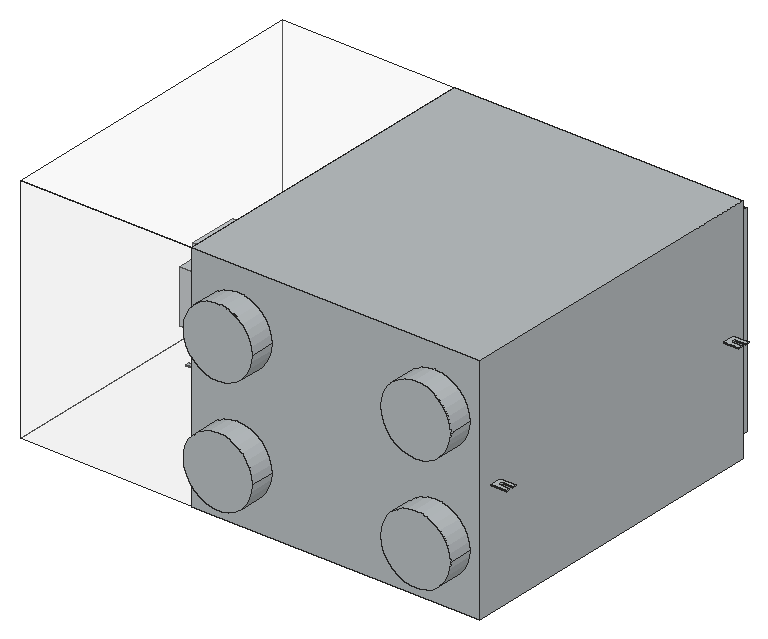
Revit family "lgh-n150_200rxv2d-c_50Hz", category 機械設備, Revit 2019
Family settings
  丸型コネクタ寸法 = 直径を使用
  パーツ タイプ = 標準
  OmniClass 番号 = 23.75.10.34.21
  OmniClass タイトル = Heat Exchangers for Ventilation Air
  作業面ベース = いいえ
  常に垂直 = はい
  ロード時にボイドで切り取り = いいえ
  共有 = いいえ
  部屋計算ポイント = はい
Parameters (values of type "LGH-N150RXV2D-C")
  騒音レベル(dB(A)) = 38.5
  風量 = 1500.0 m³/h
  面風速 = 8.5 m/s
  電源種別 [instance] = "一般"
  電圧 = 200 V
  電動機出力 = 0 W
  集中コントローラ = ""
  運転質量 = 0.00 kg
  連動 [instance] = ""
  質量 = if(製品質量 > 運転質量, 製品質量, 運転質量) * 1.2  # 128.40 kg
  負荷分類 = 3_ファン類
  説明 = "業務用ロスナイ 天井埋込形 DCマイコン CO2センサー付"
  設計風量 = 0.0 m³/h
  設置方法 = "天井吊(隠ぺい)形"
  記号 [instance] = ""
  製造元 = "三菱電機株式会社"
  製品質量 = 107.00 kg
  製品出荷対象 = "国内"
  製品リリース年月 = "2023/5/15"
  製品グループ = ""
  系統 [instance] = ""
  符号 = "HEU"
  積算_科目 = "1 空気調和設備"
  積算_拾い区分 [instance] = ""
  相 = 1
  盤記号 [instance] = ""
  発停方法 [instance] = ""
  特殊仕様 [instance] = ""
  点検口高さ = -Height  # -808 mm
  点検口離隔 = 150 mm
  点検口_Depth = 450 mm
  点検口 = yes
  火災停止 [instance] = ""
  温度交換効率 = 74.00%
  消費電力 = 900 W
  法定耐用年数 = "15"
  機外静圧_排気 = 275.0 Pa
  機外静圧 = 275.0 Pa
  極数 = 3
  材質 [instance] = ""
  本体マテリアル = 溶融亜鉛めっき鋼板
  操作・制御方式 = ""
  操作・制御スイッチ = ""
  排気量 = 0.0 m³/h
  形式 = "天井埋込ダクト形"
  幹線記号 [instance] = ""
  対象室 [instance] = ""
  実風量 = 0.0 m³/h
  始動方式 [instance] = "直入"
  天吊金具_径 = 15 mm
  天吊金具_幅 = 30 mm
  外気量 = 0.0 m³/h
  呼称 = "全熱交換ユニット"
  周波数 = 50 Hz
  天吊金具ピッチ2 = 1015 mm
  天吊金具ピッチ1 = 1057 mm
  天吊金具_高さ = 404 mm
  参照している仕様書等のバージョン = ""
  初期抵抗 = 0.0 Pa
  分類コード = "50052504100070"
  分類グループ = ""
  価格 = 1363200
  企業コード = "108420"
  付属品_フィルター_還気 = ""
  付属品_フィルター = ""
  付属品 [instance] = ""
  仕様書バージョン = "Version1.0"
  モデル = "LGH-N150RXV2D-C"
  メンテナンススペース = yes
  ダクト高 = 700 mm
  ダクト径 = 250 mm
  ダクト幅 = 270 mm
  コメント [instance] = ""
  Keynote = ""
  エンタルピ交換効率_暖房 = 76.00%
  エンタルピ交換効率_冷房 = 66.00%
  Assembly Code = ""
  Width = 1004 mm
  Version = ""
  Uniclass2015Version = "Systems v1.9"
  Uniclass2015Title = "Thermal wheels"
  Uniclass2015Code = "Pr_60_60_36_88"
  URL = "https://www.mitsubishielectric.co.jp/ldg/wink/qr/002/324425/"
  SpecificationReference = ""
  SpecificationDescription = ""
  Sensor_Width = 184 mm
  Sensor_D = 176 mm
  Sensor_Height = 183 mm
  Sensor_H = 201 mm
  Sensor_Depth = 115 mm
  SMAX風量 = 1500.0 m³/h
  SMAX静圧 = 275.0 Pa
  SAサイズ_D = 242 mm
  Revision = ""
  RAサイズ_D = 242 mm
  ProductInformation = ""
  OmniClassCode = "23-27 23 19 11"
  OAサイズ_W = 270 mm
  OAサイズ_D = 700 mm
  MIN風量 = 660.0 m³/h
  MIN静圧 = 47.0 Pa
  MID風量 = 1080.0 m³/h
  MID静圧 = 127.0 Pa
  MAX風量 = 1500.0 m³/h
  MAX静圧 = 245.0 Pa
  IfcTypeProduct = ""
  IfcProduct = ""
  IfcExportType = "ROTARYWHEEL"
  IfcExportAs = "IfcAirToAirHeatRecoveryType"
  Height = 808 mm
  EAサイズ_W = 270 mm
  EAサイズ_D = 700 mm
  Duct_Pitch = 690 mm
  Duct_Height = 202 mm
  Duct_Depth_SA_RA = 84 mm
  Duct_Depth_OA_EA = 49 mm
  Depth = 1144 mm
  Clearance Top = 0 mm
  Clearance Left = 600 mm
  Clearance Bottom = 0 mm
  Box_Width = 115 mm
  Box_Height = 669 mm
  Box_H = 88 mm
  Box_Depth = 175 mm
  Box_D = 145 mm
  Author = "三菱電機株式会社"
Types (2, lengths in mm): name | 騒音レベル(dB(A)) | 風量 | 面風速 | 質量 | 製品質量 | 温度交換効率 | 消費電力 | 機外静圧_排気 | 機外静圧 | 天吊金具ピッチ1 | 価格 | モデル | エンタルピ交換効率_暖房 | エンタルピ交換効率_冷房 | Width | URL | SMAX風量 | SMAX静圧 | MIN風量 | MIN静圧 | MID風量 | MID静圧 | MAX風量 | MAX静圧 | Duct_Pitch
  LGH-N150RXV2D-C | 38.5 | 1500.0 m³/h | 8.5 m/s | 128.40 kg | 107.00 kg | 74.00% | 900 W | 275.0 Pa | 275.0 Pa | 1057 | 1363200 | "LGH-N150RXV2D-C" | 76.00% | 66.00% | 1004 | "https://www.mitsubishielectric.co.jp/ldg/wink/qr/002/324425/" | 1500.0 m³/h | 275.0 Pa | 660.0 m³/h | 47.0 Pa | 1080.0 m³/h | 127.0 Pa | 1500.0 m³/h | 245.0 Pa | 690
  LGH-N200RXV2D-C | 41 | 2000.0 m³/h | 11.3 m/s | 140.40 kg | 117.00 kg | 73.00% | 1160 W | 225.0 Pa | 225.0 Pa | 1284 | 1523200 | "LGH-N200RXV2D-C" | 75.00% | 65.00% | 1231 | "https://www.mitsubishielectric.co.jp/ldg/wink/qr/002/324427/" | 2000.0 m³/h | 225.0 Pa | 880.0 m³/h | 32.0 Pa | 1440.0 m³/h | 86.0 Pa | 2000.0 m³/h | 165.0 Pa | 917
Reference planes
  plane 1 "中心(正面/背面)": y = 0
  plane 2: z = 0
  plane 3 "中心(左/右)": x = 0
  plane 4: x = -502
  plane 5: x = 502
  plane 6: y = 572
  plane 7: y = -572
  plane 8: z = -808
  plane 9: z = -202
  plane 10: x = -345
  plane 11: x = 345
  plane 12: y = -656
  plane 13: y = 621
  plane 14: x = -586
  plane 15: x = 586
  plane 16: x = -1102
  plane 17: y = -427
  plane 18: y = -252
  plane 19: z = -88
  plane 20: z = -757
  plane 21: x = -617
  plane 22: x = -652
  plane 23: y = 225
  plane 24: x = -528.5
  plane 25: x = 528.5
  plane 26: y = 507.5
  plane 27: y = -507.5
  plane 28: y = -225
  plane 29: x = -558.5
  plane 30: y = 527.5
  plane 31: y = 487.5
  plane 32: y = -487.5
  plane 33: y = -527.5
  plane 34: z = -5
  plane 35: z = -404
  plane 36: z = -407
  plane 37: x = 558.5
  plane 38: z = -404
  plane 39: x = 480
  plane 40: x = 210
  plane 41: x = -480
  plane 42: x = -210
  plane 43: z = -54
  plane 44: z = -754
  plane 45: z = -54
  plane 46: z = -754
  plane 47: z = -606
  plane 48: y = -396
  plane 49: y = -281
  plane 50: z = -201
  plane 51: z = -384
  plane 52: x = -686
  plane 53: z = 0
  plane 54: z = -808
Forms (mm)
  Extrusion 1, solid, material "溶融亜鉛めっき鋼板" <- "本体マテリアル", detail levels fine
    sketch origin (0, 0, 0) x (1, 0, 0) y (0, 1, 0)
      loop
        line (-502, 572) -> (-502, -572) -> (502, -572) -> (502, 572) -> (-502, 572)
    from 0 to -808
  Extrusion 2, solid, material "溶融亜鉛めっき鋼板" <- "本体マテリアル", detail levels fine
    sketch origin (502, -572, 0) x (-1, 0, 0) y (0, 0, -1)
      loop
        circle (847, 202) r 121
    from 0 to 84
  Extrusion 3, solid, material "溶融亜鉛めっき鋼板" <- "本体マテリアル", detail levels fine
    sketch origin (510, -445, 0) x (-1, 0, 0) y (0, 0, -1)
      loop
        circle (165, 202) r 121
    from 127 to 211
  Extrusion 4, solid, material "溶融亜鉛めっき鋼板" <- "本体マテリアル", detail levels fine
    sketch origin (-502, -572, 0) x (0, 1, 0) y (0, 0, -1)
      loop
        line (320, 88) -> (320, 757) -> (145, 757) -> (145, 88) -> (320, 88)
    from 0 to 115
  Extrusion 5, solid, material "溶融亜鉛めっき鋼板" <- "本体マテリアル", detail levels fine
    sketch origin (0, 0, 0) x (1, 0, 0) y (0, 1, 0)
      loop
        line (-558.5, 527.5) -> (-558.5, 515) -> (-528.5, 515)
        arc (-528.5, 515) -> (-521, 507.5) -> (-528.5, 500) r 7.5
        line (-528.5, 500) -> (-558.5, 500) -> (-558.5, 487.5) -> (-502, 487.5) -> (-502, 527.5) -> (-558.5, 527.5)
    from -404 to -407
  Extrusion 6, solid, material "溶融亜鉛めっき鋼板" <- "本体マテリアル", detail levels fine
    sketch origin (0, 0, 0) x (1, 0, 0) y (0, 1, 0)
      loop
        line (-558.5, -527.5) -> (-502, -527.5) -> (-502, -487.5) -> (-558.5, -487.5) -> (-558.5, -500) -> (-528.5, -500)
        arc (-528.5, -500) -> (-521, -507.5) -> (-528.5, -515) r 7.5
        line (-528.5, -515) -> (-558.5, -515) -> (-558.5, -527.5)
    from -404 to -407
  Extrusion 7, solid, material "溶融亜鉛めっき鋼板" <- "本体マテリアル", detail levels fine
    sketch origin (0, 0, 0) x (-1, 0, 0) y (0, -1, 0)
      loop
        line (-558.5, 527.5) -> (-558.5, 515) -> (-528.5, 515)
        arc (-528.5, 515) -> (-521, 507.5) -> (-528.5, 500) r 7.5
        line (-528.5, 500) -> (-558.5, 500) -> (-558.5, 487.5) -> (-502, 487.5) -> (-502, 527.5) -> (-558.5, 527.5)
    from -404 to -407
  Extrusion 8, solid, material "溶融亜鉛めっき鋼板" <- "本体マテリアル", detail levels fine
    sketch origin (0, 0, 0) x (-1, 0, 0) y (0, -1, 0)
      loop
        line (-558.5, -527.5) -> (-502, -527.5) -> (-502, -487.5) -> (-558.5, -487.5) -> (-558.5, -500) -> (-528.5, -500)
        arc (-528.5, -500) -> (-521, -507.5) -> (-528.5, -515) r 7.5
        line (-528.5, -515) -> (-558.5, -515) -> (-558.5, -527.5)
    from -404 to -407
  Extrusion 9, solid, material "溶融亜鉛めっき鋼板" <- "本体マテリアル", detail levels fine
    sketch origin (0, 0, 0) x (1, 0, 0) y (0, 0, 1)
      loop
        circle (-345, -606) r 121
    from 572 to 656
  Extrusion 10, solid, material "溶融亜鉛めっき鋼板" <- "本体マテリアル", detail levels fine
    sketch origin (0, 0, 0) x (1, 0, 0) y (0, 0, 1)
      loop
        circle (345, -606) r 121
    from 572 to 656
  Extrusion 11, solid, material "溶融亜鉛めっき鋼板" <- "本体マテリアル", detail levels fine
    sketch origin (0, 0, 0) x (1, 0, 0) y (0, 0, 1)
      loop
        line (480, -754) -> (480, -54) -> (210, -54) -> (210, -754) -> (480, -754)
    from -621 to -572
  Extrusion 12, solid, material "溶融亜鉛めっき鋼板" <- "本体マテリアル", detail levels fine
    sketch origin (0, 0, 0) x (1, 0, 0) y (0, 0, 1)
      loop
        line (-480, -754) -> (-210, -754) -> (-210, -54) -> (-480, -54) -> (-480, -754)
    from -621 to -572
  Extrusion 13, solid, material "溶融亜鉛めっき鋼板" <- "本体マテリアル", detail levels fine
    sketch origin (0, 0, 0) x (0, 1, 0) y (0, 0, 1)
      loop
        line (-281, -201) -> (-396, -201) -> (-396, -384) -> (-281, -384) -> (-281, -201)
    from -686 to -617
Lines and regions (mm)
  Masking region 1, detail levels coarse+medium
    outline origin (1326.5, 29, 0) x (1, 0, 0) y (0, 1, 0)
      loop
        line (-1828.5, 543) -> (-1828.5, -601) -> (-824.5, -601) -> (-824.5, 543) -> (-1828.5, 543)
  symbolic lines, detail levels coarse+medium
    curve 1: line (0, 572, 0) -> (-502, 0, 0)
    curve 2: line (-502, 0, 0) -> (0, -572, 0)
    curve 3: line (0, -572, 0) -> (502, 0, 0)
    curve 4: line (502, 0, 0) -> (0, 572, 0)
Dimensions and locks
  equal spacing: plane 4, plane 3 "中心(左/右)", plane 5
  "Width": plane 4 to plane 5
  equal spacing: plane 6, plane 1 "中心(正面/背面)", plane 7
  "Depth": plane 6 to plane 7
  "Height": level to plane 8
  "Duct_Height": level to plane 9
  equal spacing: plane 11, plane 3 "中心(左/右)", plane 10
  "Duct_Pitch": plane 11 to plane 10
  "Duct_Depth_OA_EA": plane 13 to plane 6
  "Duct_Depth_SA_RA": plane 7 to plane 12
  "Duct_Depth_SA_RA": plane 5 to plane 15
  "Duct_Depth_SA_RA": plane 14 to plane 4
  "Clearance Left": plane 16 to plane 4
  "Box_H": level to plane 19
  "Box_Height": plane 19 to plane 20
  "Box_D": plane 17 to plane 7
  "Box_Depth": plane 18 to plane 17
  "Box_Width": plane 21 to plane 4
  "点検口離隔": plane 22 to plane 4
  equal spacing: plane 24, plane 3 "中心(左/右)", plane 25
  "天吊金具ピッチ1": plane 24 to plane 25
  equal spacing: plane 26, plane 1 "中心(正面/背面)", plane 27
  "天吊金具ピッチ2": plane 26 to plane 27
  equal spacing: plane 23, plane 1 "中心(正面/背面)", plane 28
  "点検口_Depth": plane 23 to plane 28
  equal spacing: plane 30, plane 26, plane 31
  locked: plane 30 to plane 31 at 40
  "天吊金具_幅": plane 29 to plane 24
  "天吊金具_高さ": level to plane 35
  locked: plane 35 to plane 36 at 3
  equal spacing: plane 32, plane 27, plane 33
  locked: plane 32 to plane 33 at 40
  "天吊金具_幅": plane 25 to plane 37
  equal spacing: plane 8, plane 38, level
  equal spacing: plane 40, plane 11, plane 39
  "EAサイズ_W": plane 40 to plane 39
  equal spacing: plane 42, plane 10, plane 41
  "OAサイズ_W": plane 42 to plane 41
  equal spacing: plane 44, plane 38, plane 43
  "EAサイズ_D": plane 44 to plane 43
  "OAサイズ_D": plane 46 to plane 45
  equal spacing: plane 46, plane 38, plane 45
  "Duct_Height": plane 38 to plane 47
  "Sensor_D": plane 48 to plane 7
  "Sensor_Depth": plane 49 to plane 48
  "Sensor_H": level to plane 50
  "Sensor_Height": plane 50 to plane 51
  "Sensor_Width": plane 52 to plane 4
  "Clearance Bottom": plane 8 to plane 54
  "Clearance Top": plane 53 to level
  "RAサイズ_D": diameter of Extrusion 3 sketch curve
  "SAサイズ_D": diameter of Extrusion 9 sketch curve
  "RAサイズ_D": diameter of Extrusion 10 sketch curve
  "SAサイズ_D": diameter of Extrusion 2 sketch curve
  "天吊金具_径": diameter of Extrusion 6 sketch curve
  "天吊金具_径": diameter of Extrusion 5 sketch curve
  "天吊金具_径": diameter of Extrusion 8 sketch curve
  "天吊金具_径": diameter of Extrusion 7 sketch curve
  aligned and locked: level to plane 2
  aligned and locked: Extrusion 1 to plane 8
  aligned and locked: Extrusion 2 to plane 12
  aligned and locked: plane 7 to Extrusion 2
  aligned and locked: plane 7 to Extrusion 3
  aligned and locked: Extrusion 3 to plane 12
  aligned and locked: plane 16 to nested 1
  aligned and locked: plane 4 to nested 1
  aligned and locked: nested 1 to plane 6
  aligned and locked: nested 1 to plane 7
  aligned and locked: Extrusion 4 to plane 21
  aligned and locked: plane 4 to Extrusion 4
  aligned and locked: Masking region 1 to plane 4
  aligned and locked: plane 5 to Masking region 1
  aligned and locked: plane 6 to Masking region 1
  aligned and locked: Masking region 1 to plane 7
  aligned and locked: plane 25 to nested 2
  aligned and locked: plane 24 to nested 2
  aligned and locked: nested 2 to plane 27
  aligned and locked: plane 26 to nested 2
  aligned and locked: Extrusion 4 to plane 18
  aligned and locked: Extrusion 4 to plane 20
  aligned and locked: plane 19 to Extrusion 4
  aligned and locked: Extrusion 4 to plane 17
  aligned and locked: plane 22 to nested 3
  aligned and locked: plane 16 to nested 3
  aligned and locked: plane 23 to nested 3
  aligned and locked: nested 3 to plane 28
  aligned and locked: plane 29 to Extrusion 5 sketch curve  (x2)
  aligned and locked: Extrusion 5 sketch curve to plane 4
  aligned and locked: plane 31 to Extrusion 5 sketch curve
  aligned and locked: Extrusion 5 sketch curve to plane 30
  aligned and locked: Extrusion 5 to plane 35
  aligned and locked: Extrusion 5 to plane 36
  aligned and locked: Extrusion 6 sketch curve to plane 29  (x2)
  aligned and locked: plane 32 to Extrusion 6 sketch curve
  aligned and locked: Extrusion 6 sketch curve to plane 33
  aligned and locked: plane 4 to Extrusion 6 sketch curve
  aligned and locked: plane 35 to Extrusion 6
  aligned and locked: Extrusion 6 to plane 36
  aligned and locked: plane 37 to Extrusion 7 sketch curve  (x2)
  aligned and locked: Extrusion 7 sketch curve to plane 32
  aligned and locked: plane 33 to Extrusion 7 sketch curve
  aligned and locked: plane 5 to Extrusion 7 sketch curve
  aligned and locked: Extrusion 7 to plane 36
  aligned and locked: plane 35 to Extrusion 7
  aligned and locked: Extrusion 8 sketch curve to plane 37  (x2)
  aligned and locked: Extrusion 8 sketch curve to plane 31
  aligned and locked: plane 30 to Extrusion 8 sketch curve
  aligned and locked: Extrusion 8 sketch curve to plane 5
  aligned and locked: plane 35 to Extrusion 8
  aligned and locked: Extrusion 8 to plane 36
  aligned and locked: Extrusion 9 to plane 12
  aligned and locked: plane 7 to Extrusion 9
  aligned and locked: Extrusion 10 to plane 12
  aligned and locked: plane 7 to Extrusion 10
  aligned and locked: plane 44 to Extrusion 11 sketch curve
  aligned and locked: plane 39 to Extrusion 11 sketch curve
  aligned and locked: Extrusion 11 sketch curve to plane 43
  aligned and locked: Extrusion 11 sketch curve to plane 40
  aligned and locked: Extrusion 12 sketch curve to plane 46
  aligned and locked: Extrusion 12 sketch curve to plane 41
  aligned and locked: plane 45 to Extrusion 12 sketch curve
  aligned and locked: plane 42 to Extrusion 12 sketch curve
  aligned and locked: plane 13 to Extrusion 12
  aligned and locked: Extrusion 12 to plane 6
  aligned and locked: plane 13 to Extrusion 11
  aligned and locked: Extrusion 11 to plane 6
  aligned and locked: plane 50 to Extrusion 13 sketch curve
  aligned and locked: Extrusion 13 sketch curve to plane 49
  aligned and locked: Extrusion 13 sketch curve to plane 51
  aligned and locked: plane 48 to Extrusion 13 sketch curve
  aligned and locked: Extrusion 13 to Extrusion 4
  aligned and locked: plane 52 to Extrusion 13
  aligned and locked: plane 53 to nested 1
  aligned and locked: plane 54 to nested 1
Automatic sketch dimensions
  plane 1 "中心(正面/背面)" to curve 1 = 0 mm
  curve 1 to plane 4 = 0 mm
  curve 2 to plane 3 "中心(左/右)" = 0 mm
  curve 4 to plane 3 "中心(左/右)" = 0 mm
  plane 1 "中心(正面/背面)" to curve 4 = 0 mm
  curve 4 to plane 5 = 0 mm
  curve 2 to plane 7 = 0 mm
  curve 4 to plane 6 = 0 mm
  Extrusion 1 sketch curve to plane 4 = 0 mm
  Extrusion 1 sketch curve to plane 5 = 0 mm
  Extrusion 1 sketch curve to plane 7 = 0 mm
  Extrusion 1 sketch curve to plane 6 = 0 mm
  Extrusion 3 sketch curve to plane 9 = 0 mm
  Extrusion 3 sketch curve to plane 11 = 0 mm
  Extrusion 4 sketch curve to Extrusion 1 = 145 mm
  Extrusion 1 to Extrusion 4 sketch curve = 51 mm
  Extrusion 4 sketch curve to Extrusion 4 sketch curve = 175 mm
  Extrusion 1 to Extrusion 4 sketch curve = 88 mm
  Masking region 1 sketch curve to plane 4 = 0 mm
  Masking region 1 sketch curve to plane 5 = 0 mm
  Masking region 1 sketch curve to plane 7 = 0 mm
  Masking region 1 sketch curve to plane 6 = 0 mm
  Extrusion 9 sketch curve to plane 10 = 0 mm
  Extrusion 9 sketch curve to plane 47 = 0 mm
  Extrusion 10 sketch curve to plane 11 = 0 mm
  Extrusion 10 sketch curve to plane 47 = 0 mm
  Extrusion 1 to Extrusion 2 sketch curve = 157 mm
  Extrusion 1 to Extrusion 2 sketch curve = 202 mm
  Extrusion 5 sketch curve to plane 24 = 0 mm
  Extrusion 5 sketch curve to plane 26 = 0 mm
  Extrusion 6 sketch curve to plane 24 = 0 mm
  Extrusion 6 sketch curve to plane 27 = 0 mm
  Extrusion 7 sketch curve to plane 25 = 0 mm
  Extrusion 7 sketch curve to plane 27 = 0 mm
  Extrusion 8 sketch curve to plane 25 = 0 mm
  Extrusion 8 sketch curve to plane 26 = 0 mm
Nested families
  nested 1: "メンテナンススペース" at (-802, 0, -404), visible <- "メンテナンススペース", type "メンテナンススペース"
    with Width 600 mm, Height 808 mm, Depth 1144 mm
  nested 2: "固定点" at (-528.5, -507.5, 0), type "固定点"
    with W 1057 mm, D 1015 mm
  nested 3: "点検口設置範囲" at (-877, 0, -808), built-in parameter 1001364 <- "点検口高さ", visible <- "点検口", type "点検口設置範囲"
    with Width 450 mm, Depth 450 mm
Connectors
  hvac at (-345, -656, -202), driven by "ダクト径", driven by "機外静圧", driven by "風量"
    settings: on Extrusion 2, index 1, duct flow 1500.0 m³/h, flow factor 0, pres drop 275.0 Pa, loss coef 0, conn angle 0.00°, conn width 304.8 mm, conn height 304.8 mm, conn diameter 250 mm, duct sys type 1, conn prof type 0, flow config 0, flow direction 2, loss method 4, conn ref index -1, conn util no, is conn primary yes, conn desc ""
  hvac at (345, -656, -202), driven by "ダクト径", driven by "機外静圧", driven by "風量"
    settings: on Extrusion 3, index 2, duct flow 1500.0 m³/h, flow factor 0, pres drop 275.0 Pa, loss coef 0, conn angle 0.00°, conn width 304.8 mm, conn height 304.8 mm, conn diameter 250 mm, duct sys type 2, conn prof type 0, flow config 0, flow direction 1, loss method 4, conn ref index -1, conn util no, is conn primary no, conn desc ""
  electrical at (-559.5, -427, -422.5), driven by "負荷分類", driven by "極数", driven by "電圧", driven by "消費電力"
    settings: on Extrusion 4, index 7, voltage 200 V, apparent load 900 VA, apparent load phase1 0 VA, apparent load phase2 0 VA, apparent load phase3 0 VA, power factor 1, load classification "3_ファン類", number of poles 3, system type 30, power factor state 1, is connector primary yes, connector utility no, sub classification motor no, connector description ""
  hvac at (-345, -656, -606), driven by "ダクト径", driven by "機外静圧", driven by "風量"
    settings: on Extrusion 9, index 8, duct flow 1500.0 m³/h, flow factor 0, pres drop 275.0 Pa, loss coef 0, conn angle 0.00°, conn width 304.8 mm, conn height 304.8 mm, conn diameter 250 mm, duct sys type 1, conn prof type 0, flow config 0, flow direction 2, loss method 4, conn ref index -1, conn util no, is conn primary no, conn desc ""
  hvac at (345, -656, -606), driven by "ダクト径", driven by "機外静圧", driven by "風量"
    settings: on Extrusion 10, index 9, duct flow 1500.0 m³/h, flow factor 0, pres drop 275.0 Pa, loss coef 0, conn angle 0.00°, conn width 304.8 mm, conn height 304.8 mm, conn diameter 250 mm, duct sys type 2, conn prof type 0, flow config 0, flow direction 1, loss method 4, conn ref index -1, conn util no, is conn primary no, conn desc ""
  hvac at (345, 621, -404), driven by "ダクト高", driven by "ダクト幅", driven by "機外静圧_排気", driven by "排気量"
    settings: on Extrusion 11, index 10, duct flow 0.0 m³/h, flow factor 0, pres drop 275.0 Pa, loss coef 0, conn angle 0.00°, conn width 270 mm, conn height 700 mm, conn diameter 609.6 mm, duct sys type 3, conn prof type 1, flow config 0, flow direction 2, loss method 4, conn ref index -1, conn util no, is conn primary no, conn desc ""
  hvac at (-345, 621, -404), driven by "ダクト幅", driven by "ダクト高", driven by "機外静圧", driven by "風量"
    settings: on Extrusion 12, index 11, duct flow 1500.0 m³/h, flow factor 0, pres drop 275.0 Pa, loss coef 0, conn angle 0.00°, conn width 270 mm, conn height 700 mm, conn diameter 609.6 mm, duct sys type 4, conn prof type 1, flow config 0, flow direction 1, loss method 4, conn ref index -1, conn util no, is conn primary no, conn desc ""
Definition of nested family "メンテナンススペース"
  Parameters (values of type "メンテナンススペース")
    Width [instance] = 500 mm
    Height [instance] = 500 mm
    Depth [instance] = 500 mm
  Reference planes
    plane 1 "中心(正面/背面)": y = 0
    plane 2: z = 0
    plane 3 "中心(左/右)": x = 0
    plane 4: y = -250
    plane 5: x = 250
    plane 6: y = 250
    plane 7: x = -250
    plane 8: z = 250
    plane 9: z = -250
  Forms (mm)
    Extrusion 1, solid
      sketch origin (-638.939, 0, 72.39) x (1, 0, 0) y (0, 1, 0)
        loop
          line (388.939, 250) -> (388.939, -250) -> (888.939, -250) -> (888.939, 250) -> (388.939, 250)
      from -322.39 to 177.61
  Lines and regions (mm)
    symbolic lines
      curve 1: line (-250, 0, 250) -> (250, 0, 250)
      curve 2: line (-250, 0, -250) -> (-250, 0, 250)
      curve 3: line (250, 0, -250) -> (-250, 0, -250)
      curve 4: line (250, 0, 250) -> (250, 0, -250)
      curve 5: line (0, -250, 250) -> (0, 250, 250)
      curve 6: line (0, -250, -250) -> (0, -250, 250)
      curve 7: line (0, 250, -250) -> (0, -250, -250)
      curve 8: line (0, 250, 250) -> (0, 250, -250)
      curve 9: line (-250, 250, 0) -> (250, 250, 0)
      curve 10: line (-250, -250, 0) -> (-250, 250, 0)
      curve 11: line (250, -250, 0) -> (-250, -250, 0)
      curve 12: line (250, 250, 0) -> (250, -250, 0)
  Dimensions and locks
    equal spacing: plane 7, plane 3 "中心(左/右)", plane 5
    equal spacing: plane 4, plane 1 "中心(正面/背面)", plane 6
    "Depth": plane 4 to plane 6
    "Width": plane 7 to plane 5
    equal spacing: plane 8, plane 2, plane 9
    "Height": plane 8 to plane 9
    aligned and locked: plane 9 to curve 3
    aligned and locked: plane 7 to curve 2
    aligned and locked: curve 4 to plane 5
    aligned and locked: plane 5 to Extrusion 1
    aligned and locked: Extrusion 1 to plane 7
    aligned and locked: Extrusion 1 to plane 9
    aligned and locked: plane 8 to Extrusion 1
    aligned and locked: plane 9 to curve 7
  Automatic sketch dimensions
    plane 4 to Extrusion 1 sketch curve = 0 mm
    Extrusion 1 sketch curve to plane 7 = 0 mm
    Extrusion 1 sketch curve to plane 5 = 0 mm
    plane 6 to Extrusion 1 sketch curve = 0 mm
    curve 2 to plane 8 = 0 mm
    plane 4 to curve 11 = 0 mm
    curve 11 to plane 7 = 0 mm
    curve 11 to plane 5 = 0 mm
    plane 6 to curve 10 = 0 mm
    curve 7 to plane 4 = 0 mm
    curve 7 to plane 6 = 0 mm
    curve 6 to plane 8 = 0 mm
Definition of nested family "固定点"
  Parameters (values of type "固定点")
    中心円 = 20 mm
    W [instance] = 1000 mm
    D [instance] = 1000 mm
  Reference planes
    plane 1 "中心(正面/背面)": y = 0
    plane 2: z = 0
    plane 3 "中心(左/右)": x = 0
    plane 4: x = 1000
    plane 5: y = 1000
  Lines and regions (mm)
    symbolic lines, detail levels fine
      curve 1: circle (0, 1000, 0) r 10 normal (0, 0, 1)
      curve 2: circle (0, 0, 0) r 10 normal (0, 0, 1)
      curve 3: circle (1000, 1000, 0) r 10 normal (0, 0, 1)
      curve 4: circle (1000, 0, 0) r 10 normal (0, 0, 1)
      curve 5: line (-200, 1000, 0) -> (1200, 1000, 0)
      curve 6: line (-200, 0, 0) -> (1200, 0, 0)
      curve 7: line (0, 1200, 0) -> (0, -200, 0)
      curve 8: line (1000, 1200, 0) -> (1000, -200, 0)
  Dimensions and locks
    "W": plane 3 "中心(左/右)" to plane 4
    "D": plane 1 "中心(正面/背面)" to plane 5
    "中心円": diameter of curve 1
    "中心円": diameter of curve 2
    "中心円": diameter of curve 3
    "中心円": diameter of curve 4
    aligned and locked: level to plane 2
    aligned and locked: plane 5 to curve 1
    aligned and locked: plane 3 "中心(左/右)" to curve 1
    aligned and locked: plane 3 "中心(左/右)" to curve 2
    aligned and locked: plane 1 "中心(正面/背面)" to curve 2
    aligned and locked: plane 4 to curve 3
    aligned and locked: plane 5 to curve 3
    aligned and locked: plane 1 "中心(正面/背面)" to curve 4
    aligned and locked: plane 4 to curve 4
    aligned and locked: plane 1 "中心(正面/背面)" to curve 6
    aligned and locked: curve 7 to plane 3 "中心(左/右)"
    aligned and locked: curve 8 to plane 4
  Automatic sketch dimensions
    curve 5 to plane 5 = 0 mm
    curve 6 to plane 3 "中心(左/右)" = 200 mm
    curve 5 to plane 3 "中心(左/右)" = 200 mm
    curve 4 to curve 6 = 200 mm
    curve 3 to curve 5 = 200 mm
    plane 1 "中心(正面/背面)" to curve 8 = 200 mm
    plane 1 "中心(正面/背面)" to curve 7 = 200 mm
    curve 3 to curve 8 = 200 mm
    curve 1 to curve 7 = 200 mm
Definition of nested family "点検口設置範囲"
  Parameters (values of type "点検口設置範囲")
    Width [instance] = 1000 mm
    Depth [instance] = 700 mm
  Reference planes
    plane 1 "中心(正面/背面)": y = 0
    plane 2: z = 0
    plane 3 "中心(左/右)": x = 0
    plane 4: x = -500
    plane 5: x = 500
    plane 6: y = -350
    plane 7: y = 350
  Lines and regions (mm)
    model lines
      curve 1: line (-500, 350, 0) -> (500, 350, 0)
      curve 2: line (-500, -350, 0) -> (-500, 350, 0)
      curve 3: line (500, -350, 0) -> (-500, -350, 0)
      curve 4: line (500, 350, 0) -> (500, -350, 0)
  Dimensions and locks
    "Depth": plane 7 to plane 6
    "Width": plane 4 to plane 5
    equal spacing: plane 7, plane 1 "中心(正面/背面)", plane 6
    equal spacing: plane 4, plane 3 "中心(左/右)", plane 5
    aligned and locked: level to plane 2
    aligned and locked: plane 4 to curve 2
    aligned and locked: curve 1 to plane 7
    aligned and locked: curve 4 to plane 5
    aligned and locked: plane 6 to curve 3
